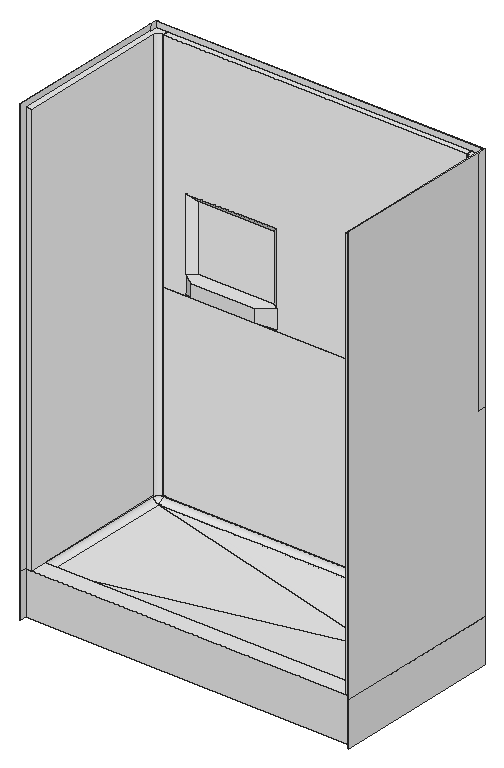
Revit family "5LRS6030AFR", category Plumbing Fixtures, Revit 2017
Family settings
  Round Connector Dimension = Use Diameter
  Part Type = Normal
  OmniClass Number = 23.45.05.14.17
  OmniClass Title = Showers
  Work Plane-Based = No
  Always vertical = Yes
  Cut with Voids When Loaded = No
  Shared = No
  Room Calculation Point = No
Parameters (values of type "5LRS6030AFR")
  Unit Width = 60"
  Unit Height = 84 1/2"
  Unit Depth = 30"
  URL = "http://www.bestbath.com/"
  Type Comments = "Remodeler"
  Model = "5LRS6030AFR"
  Material [instance] = Best Bath Gelcoat Fiberglass -  RealTile
  Manufacturer = "Best Bath Systems, Inc."
  Keynote = "22 40 00.B3"
  Description = "Real Tile Finish"
  Assembly Code = "D2010710"
Reference planes (in)
  plane 1 "Back": y = -0.5
  plane 2: z = 0
  plane 3 "Left": x = 0
  plane 4: x = 60
  plane 5: y = -30.5
  plane 6: z = 83.5
  plane 7: z = 6.25
  plane 8: z = 84.5
  plane 9: x = 51.5
  plane 10: y = -1.75
  plane 11: y = -14.5
  plane 12: z = 6
  plane 13: z = 8
  plane 14: z = 42.25
  plane 15: y = -31.5
  plane 16: z = 45.875
  plane 17: z = 7
Forms (in)
  Extrusion 1, solid, material "Best Bath Gelcoat Fiberglass - Smooth"
    sketch origin (0, 0, 0) x (1, 0, 0) y (0, 1, 0)
      loop
        line (0, -0.5) -> (0, -30.5) -> (60, -30.5) -> (60, -0.5) -> (0, -0.5)
      loop
        circle (51.5, -14.5) r 1.5
    from 7 to 0
  Extrusion 2, solid, material "Best Bath Gelcoat Fiberglass - Smooth"
    sketch origin (0, 0, 0) x (1, 0, 0) y (0, 1, 0)
      loop
        line (2.25, -0.5) -> (2.25, -1.75) -> (57.75, -1.75) -> (57.75, -0.5) -> (2.25, -0.5)
    from 8 to 42.25
  Extrusion 3, solid, material "Best Bath Gelcoat Fiberglass - Smooth"
    sketch origin (0, 0, 0) x (1, 0, 0) y (0, 1, 0)
      loop
        line (0, -30.5) -> (1.25, -30.5) -> (1.25, -2.75)
        arc (1.25, -2.75) -> (1.54289, -2.04289) -> (2.25, -1.75) r 1
        line (2.25, -1.75) -> (57.75, -1.75)
        arc (57.75, -1.75) -> (58.45711, -2.04289) -> (58.75, -2.75) r 1
        line (58.75, -2.75) -> (58.75, -30.5) -> (60, -30.5) -> (60, -0.5) -> (0, -0.5) -> (0, -30.5)
    from 0 to 8
  Extrusion 4, solid, material "Best Bath Gelcoat Fiberglass - Smooth"
    sketch origin (0, 0, 0) x (1, 0, 0) y (0, 1, 0)
      loop
        line (0, -30.5) -> (1.25, -30.5) -> (1.25, -2.75)
        arc (1.25, -2.75) -> (1.54289, -2.04289) -> (2.25, -1.75) r 1
        line (2.25, -1.75) -> (2.25, -0.5) -> (0, -0.5) -> (0, -30.5)
      loop
        line (58.75, -30.5) -> (60, -30.5) -> (60, -0.5) -> (57.75, -0.5) -> (57.75, -1.75)
        arc (57.75, -1.75) -> (58.45711, -2.04289) -> (58.75, -2.75) r 1
        line (58.75, -2.75) -> (58.75, -30.5)
    from 8 to 83.5
  Blend 5, void
    base sketch origin (0, 0, 0) x (1, 0, 0) y (0, 1, 0)
      loop
        line (2.25, -27.5) -> (57.75, -27.5) -> (57.75, -2.75) -> (2.25, -2.75) -> (2.25, -27.5)
    top sketch origin (0, 0, 0) x (1, 0, 0) y (0, 1, 0)
      loop
        circle (51.5, -14.5) r 0.07155
    from 7 to 6
  Extrusion 6, solid, material "Best Bath Gelcoat Fiberglass - Smooth"
    sketch origin (0, 0, 0) x (1, 0, 0) y (0, 1, 0)
      loop
        line (2.25, -0.5) -> (2.25, -1.75) -> (57.75, -1.75) -> (57.75, -0.5) -> (2.25, -0.5)
    from 42.25 to 83.5
  Sweep 7, solid, material "Best Bath Gelcoat Fiberglass - Smooth"
    path origin (0, 0, 0) x (1, 0, 0) y (0, 1, 0)
      loop
        line (1.25, -30.5) -> (58.75, -30.5)
    profile origin (30, -30.5, 0) x (0, 1, 0) y (0, 0, 1)
      loop
        line (0, 0) -> (4.58515, 0) -> (2.98515, 8) -> (0, 8) -> (0, 0)
  Extrusion 8, solid, material "Best Bath Gelcoat Fiberglass - Smooth"
    sketch origin (0, 0, 0) x (1, 0, 0) y (0, 1, 0)
      loop
        line (0, -30.5) -> (0, -31.5) -> (0.125, -31.5) -> (0.125, -30.5) -> (0, -30.5)
      loop
        line (60, -30.5) -> (59.875, -30.5) -> (59.875, -31.5) -> (60, -31.5) -> (60, -30.5)
    from 0 to 8
  Extrusion 9, solid, material "Best Bath Gelcoat Fiberglass - Smooth"
    sketch origin (0, 0, 0) x (1, 0, 0) y (0, 1, 0)
      loop
        line (0, -0.5) -> (0, -1.75) -> (0.125, -1.75) -> (0.125, -0.625) -> (59.875, -0.625) -> (59.875, -1.75) -> (60, -1.75) -> (60, -0.5) -> (0, -0.5)
    from 42.25 to 84.5
  Extrusion 10, solid, material "Best Bath Gelcoat Fiberglass - Smooth"
    sketch origin (0, 0, 0) x (1, 0, 0) y (0, 1, 0)
      loop
        line (0, -31.5) -> (0.125, -31.5) -> (0.125, -1.75) -> (0, -1.75) -> (0, -31.5)
      loop
        line (60, -31.5) -> (60, -1.75) -> (59.875, -1.75) -> (59.875, -31.5) -> (60, -31.5)
    from 8 to 84.5
  Blend 11, solid, material "Best Bath Gelcoat Fiberglass - Smooth"
    base sketch origin (0.75, -38, 0.625) x (1, 0, 0) y (0, 0, 1)
      loop
        line (52.75, 45.25) -> (36.25, 45.25) -> (36.25, 41.875) -> (52.75, 41.875) -> (52.75, 45.25)
    top sketch origin (0.75, -38, 0.625) x (1, 0, 0) y (0, 0, 1)
      loop
        line (38.625, 45.25) -> (38.625, 43) -> (50.375, 43) -> (50.375, 45.25) -> (38.625, 45.25)
    from -36.25 to -34.25
  Blend 12, void
    base sketch origin (0.5, -38.5, 0.5) x (1, 0, 0) y (0, 0, 1)
      loop
        line (36.5, 45.375) -> (53, 45.375) -> (53, 58.5) -> (36.5, 58.5) -> (36.5, 45.375)
    top sketch origin (0.5, -38.5, 0.5) x (1, 0, 0) y (0, 0, 1)
      loop
        line (37.75, 45.375) -> (51.75, 45.375) -> (51.75, 57.25) -> (37.75, 57.25) -> (37.75, 45.375)
    from -36.75 to -37.75
  Sweep 13, solid, material "Best Bath Gelcoat Fiberglass - Smooth"
    path origin (0, 0, 0) x (1, 0, 0) y (0, 1, 0)
      loop
        line (1.25, -28.95) -> (1.25, -2.75)
        arc (1.25, -2.75) -> (1.54289, -2.04289) -> (2.25, -1.75) r 1
        line (2.25, -1.75) -> (57.75, -1.75)
        arc (57.75, -1.75) -> (58.45711, -2.04289) -> (58.75, -2.75) r 1
        line (58.75, -2.75) -> (58.75, -28.95)
    profile origin (30, -1.75, 0) x (0, 1, 0) y (0, 0, 1)
      loop
        line (0, 7) -> (0, 7.98)
        arc (0, 7.98) -> (-0.28704, 7.28704) -> (-0.98, 7) r 0.98
        line (-0.98, 7) -> (0, 7)
  Blend 14, solid, material "Best Bath Gelcoat Fiberglass - Smooth"
    base sketch origin (59.25, -38, 0.625) x (-1, 0, 0) y (0, 0, -1)
      loop
        line (52.75, -45.25) -> (52.75, -41.875) -> (36.25, -41.875) -> (36.25, -45.25) -> (52.75, -45.25)
    top sketch origin (59.25, -38, 0.625) x (-1, 0, 0) y (0, 0, -1)
      loop
        line (38.625, -45.25) -> (50.375, -45.25) -> (50.375, -43) -> (38.625, -43) -> (38.625, -45.25)
    from -36.25 to -34.25
  Blend 15, void
    base sketch origin (59.5, -38.5, 0.5) x (-1, 0, 0) y (0, 0, -1)
      loop
        line (36.5, -45.375) -> (36.5, -58.5) -> (53, -58.5) -> (53, -45.375) -> (36.5, -45.375)
    top sketch origin (59.5, -38.5, 0.5) x (-1, 0, 0) y (0, 0, -1)
      loop
        line (37.75, -45.375) -> (37.75, -57.25) -> (51.75, -57.25) -> (51.75, -45.375) -> (37.75, -45.375)
    from -36.75 to -37.75
Cuts and joins
  Blend 5 cuts Extrusion 1
  Blend 5 cuts Extrusion 3
  joined: Extrusion 1, Extrusion 3, Sweep 7, Extrusion 8, Sweep 13
  Blend 12, Blend 15 cuts Extrusion 6
  Blend 12, Blend 15 cuts Extrusion 9
  Blend 12, Blend 15 cuts Blend 11
  joined: Extrusion 6, Extrusion 9, Blend 11, Blend 14
  joined: Extrusion 4, Extrusion 10
Dimensions and locks (in)
  "Unit Width": plane 3 "Left" to plane 4
  locked: plane 8 to plane 6 at 1
  "Unit Height": plane 8 to level
  plane 3 "Left" to plane 9 to plane 4 = 51 1/2", 8 1/2"
  plane 1 "Back" to plane 11 = 14"
  plane 10 to plane 1 "Back" = 1 1/4"
  plane 14 to plane 13 = 34 1/4"
  plane 13 to level = 8"
  locked: plane 5 to plane 15 at 1
  plane 16 to plane 14 = 3 5/8"
  plane 13 to plane 17 = 1"
  plane 17 to plane 7 = 3/4"
  plane 17 to plane 12 = 1"
  "Unit Depth": plane 5 to plane 1 "Back"
  aligned and locked: level to plane 2
  aligned and locked: plane 5 to Extrusion 1 sketch curve
  aligned and locked: plane 4 to Extrusion 1 sketch curve
  aligned and locked: Extrusion 2 sketch curve to Extrusion 1
  aligned and locked: Extrusion 2 sketch curve to plane 10
  aligned and locked: plane 11 to Extrusion 1 sketch curve
  aligned and locked: plane 9 to Extrusion 1 sketch curve
  aligned and locked: plane 6 to Extrusion 4
  aligned and locked: plane 11 to Blend 5 sketch curve
  aligned and locked: plane 9 to Blend 5 sketch curve
  aligned and locked: plane 14 to Extrusion 2
  aligned and locked: Extrusion 6 to Extrusion 2
  aligned and locked: plane 6 to Extrusion 6
  aligned and locked: plane 8 to Extrusion 9
  aligned and locked: plane 8 to Extrusion 10
  aligned and locked: cut or joined group of Extrusion 6, Extrusion 9, Blend 11, Blend 12, Blend 14, Blend 15 to plane 16
  aligned and locked: Extrusion 1 to level
  aligned and locked: plane 17 to Extrusion 1
  aligned and locked: Extrusion 1 to Blend 5
  aligned and locked: Sweep 13 sketch curve to plane 10
  aligned and locked: plane 17 to Sweep 13 sketch curve
  aligned and locked: Extrusion 9 to Extrusion 2
  aligned and locked: Extrusion 2 to plane 13
  aligned and locked: Extrusion 4 to Extrusion 2
  aligned and locked: Blend 5 to plane 12
  aligned and locked: plane 16 to Blend 11 sketch curve
  aligned and locked: Blend 11 sketch curve to plane 16
Automatic sketch dimensions
  Extrusion 1 sketch curve to plane 3 "Left" = 0"
  plane 1 "Back" to Extrusion 1 sketch curve = 0"
  plane 3 "Left" to Extrusion 2 sketch curve = 2 1/4"
  plane 4 to Extrusion 2 sketch curve = 2 1/4"
  Extrusion 3 sketch curve to plane 3 "Left" = 0"
  Extrusion 3 sketch curve to plane 5 = 0"  (x2)
  Extrusion 3 sketch curve to plane 10 = 0"
  plane 1 "Back" to Extrusion 3 sketch curve = 0"
  Extrusion 3 sketch curve to plane 4 = 0"
  plane 3 "Left" to Extrusion 3 sketch curve = 1 1/4"
  Extrusion 3 sketch curve to plane 10 = 1"
  plane 4 to Extrusion 3 sketch curve = 2 1/4"
  plane 4 to Extrusion 3 sketch curve = 1 1/4"
  Extrusion 4 sketch curve to plane 3 "Left" = 0"
  Extrusion 4 sketch curve to plane 5 = 0"  (x2)
  plane 1 "Back" to Extrusion 4 sketch curve = 0"  (x2)
  Extrusion 4 sketch curve to plane 10 = 0"  (x2)
  Extrusion 4 sketch curve to plane 4 = 0"
  plane 3 "Left" to Extrusion 4 sketch curve = 1 1/4"
  Extrusion 4 sketch curve to Extrusion 4 sketch curve = 1"
  Extrusion 4 sketch curve to plane 10 = 1"
  plane 4 to Extrusion 4 sketch curve = 2 1/4"
  Blend 5 sketch curve to plane 10 = 1"
  plane 3 "Left" to Blend 5 sketch curve = 2 1/4"
  plane 4 to Blend 5 sketch curve = 2 1/4"
  plane 5 to Blend 5 sketch curve = 3"
  plane 1 "Back" to Extrusion 6 sketch curve = 0"
  Extrusion 6 sketch curve to plane 10 = 0"
  plane 3 "Left" to Extrusion 6 sketch curve = 2 1/4"
  plane 4 to Extrusion 6 sketch curve = 2 1/4"
  Sweep 7 sketch curve to plane 5 = 0"
  plane 3 "Left" to Sweep 7 sketch curve = 1 1/4"
  plane 4 to Sweep 7 sketch curve = 1 1/4"
  Sweep 7 sketch curve to profile plane = 0"  (x2)
  Sweep 7 sketch curve to profile plane = 2.98515"
  Sweep 7 sketch curve to profile plane = 4.58515"
  profile plane to Sweep 7 sketch curve = 8"
  Extrusion 8 sketch curve to plane 3 "Left" = 0"
  Extrusion 8 sketch curve to plane 15 = 0"  (x2)
  Extrusion 8 sketch curve to plane 5 = 0"  (x2)
  Extrusion 8 sketch curve to plane 4 = 0"
  plane 3 "Left" to Extrusion 8 sketch curve = 1/8"
  Extrusion 8 sketch curve to Extrusion 8 sketch curve = 1/8"
  plane 1 "Back" to Extrusion 9 sketch curve = 0"
  Extrusion 9 sketch curve to plane 3 "Left" = 0"
  Extrusion 9 sketch curve to plane 10 = 0"  (x2)
  Extrusion 9 sketch curve to plane 4 = 0"
  Extrusion 9 sketch curve to Extrusion 9 sketch curve = 1/8"
  plane 4 to Extrusion 9 sketch curve = 1/8"
  plane 1 "Back" to Extrusion 9 sketch curve = 1/8"
  Extrusion 10 sketch curve to plane 3 "Left" = 0"
  Extrusion 10 sketch curve to plane 15 = 0"  (x2)
  Extrusion 10 sketch curve to plane 10 = 0"  (x2)
  Extrusion 10 sketch curve to plane 4 = 0"
  plane 3 "Left" to Extrusion 10 sketch curve = 1/8"
  Extrusion 10 sketch curve to Extrusion 10 sketch curve = 1/8"
  plane 14 to Blend 11 sketch curve = 1/4"
  Blend 11 sketch curve to plane 9 = 2"
  plane 14 to Blend 11 sketch curve = 1 3/8"
  plane 9 to Blend 11 sketch curve = 3/8"
  Blend 12 sketch curve to plane 16 = 0"  (x2)
  Blend 12 sketch curve to plane 9 = 2"
  plane 16 to Blend 12 sketch curve = 13 1/8"
  Blend 12 sketch curve to plane 9 = 3/4"
  plane 16 to Blend 12 sketch curve = 11 7/8"
  Sweep 13 sketch curve to plane 10 = 0"
  plane 3 "Left" to Sweep 13 sketch curve = 1 1/4"
  Sweep 13 sketch curve to plane 10 = 1"  (x2)
  plane 4 to Sweep 13 sketch curve = 2 1/4"
  plane 5 to Sweep 13 sketch curve = 1.55"  (x2)
  Sweep 13 sketch curve to Sweep 13 sketch curve = 0.98"
  Blend 14 sketch curve to plane 16 = 0"  (x2)
  plane 14 to Blend 14 sketch curve = 1/4"
  plane 3 "Left" to Blend 14 sketch curve = 6 1/2"
  plane 14 to Blend 14 sketch curve = 1 3/8"
  plane 3 "Left" to Blend 14 sketch curve = 8 7/8"
  Blend 15 sketch curve to plane 16 = 0"  (x2)
  plane 3 "Left" to Blend 15 sketch curve = 6 1/2"
  plane 16 to Blend 15 sketch curve = 13 1/8"
  plane 3 "Left" to Blend 15 sketch curve = 7 3/4"
  plane 16 to Blend 15 sketch curve = 11 7/8"
  plane 9 to Blend 11 sketch curve = 14 1/2"
  Blend 11 sketch curve to Blend 11 sketch curve = 11 3/4"
  plane 9 to Blend 12 sketch curve = 14 1/2"
  plane 9 to Blend 12 sketch curve = 13 1/4"
  Blend 14 sketch curve to Blend 14 sketch curve = 16 1/2"
  Blend 14 sketch curve to Blend 14 sketch curve = 11 3/4"
  Blend 15 sketch curve to Blend 15 sketch curve = 16 1/2"
  Blend 15 sketch curve to Blend 15 sketch curve = 14"
  radius of Extrusion 1 sketch curve = 1 1/2"
  radius of Blend 5 sketch curve = 0.07155"
